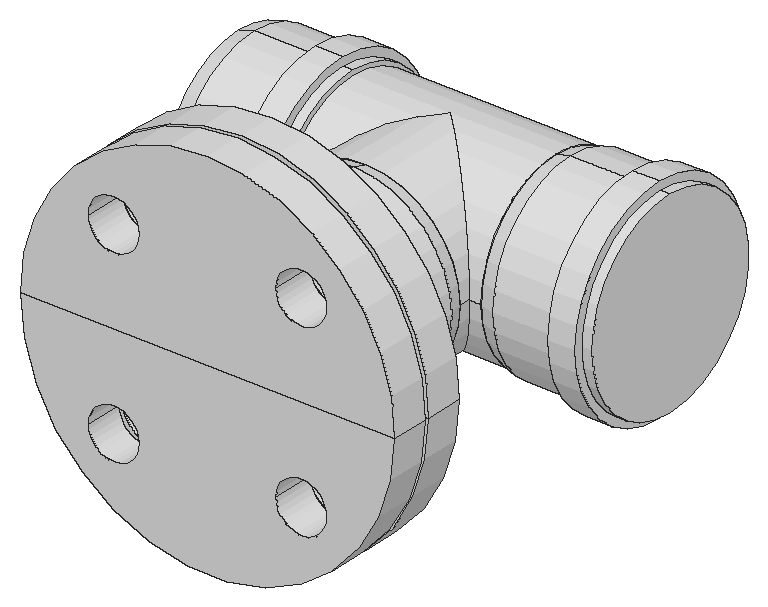
Revit family "Redi_Фитинг_Напорная ревизия", category Соединительные детали трубопроводов, Revit 2019
Family settings
  Размер круглого соединителя = Использовать диаметр
  Тип детали = Тройник
  На основе рабочей плоскости = Нет
  Всегда вертикально = Да
  При загрузке вырезать с полостями = Нет
  Общий = Нет
Parameters (values of type "Redi")
  Усиленный [instance] = no
  Угол [instance] = 90.00°
  Типовой = no
  Раструб Длина [instance] = size_lookup(Поиск в таблице имен, "LR1", ADSK_Диаметр условный * 2, ADSK_Диаметр условный, Диаметр условный 1, ADSK_Угол)  # 55.6 mm
  Раструб Видимость 1.2 [instance] = and(not(Угол > 90.00°), Раструб Подводящий)  # yes
  Раструб Видимость 2.2 [instance] = and(Угол > 90.00°, Раструб Подводящий)  # no
  Поиск в таблице имен 4 = "Redi_Фитинг_ПВХ_Тройник"
  Поиск в таблице имен 3 = "Redi_Фитинг_ПВХ_Тройник"
  Поиск в таблице имен 2 = "Redi_Фитинг_ПВХ_Тройник"
  Поиск в таблице имен = "Redi_Фитинг_ПВХ_Тройник"
  Размер засечки 2 [instance] = 50 mm  # constant formula
  Размер засечки 1 [instance] = 50 mm  # constant formula
  Раструб Подводящий [instance] = yes
  Description = ""
  Наименование [instance] = size_lookup(Поиск в таблице имен 4, "ADSK_Наименование", "Решение не найдено", ADSK_Диаметр условный, Диаметр условный 1, ADSK_Угол)  # "Тройник 87.3°, DN110х110"
  Материал = 05 Пластик ПВХ Белый
  Assembly Code = ""
  Manufacturer = ""
  Раструб Видимость 2.1 [instance] = Угол > 90.00°  # no
  Раструб Видимость 1.1 [instance] = not(Угол > 90.00°)  # yes
  Z3 [instance] = if(Угол > 90.00°, if(Раструб Подводящий, size_lookup(Поиск в таблице имен, "z1", ADSK_Диаметр условный * 2, ADSK_Диаметр условный, Диаметр условный 1, ADSK_Угол), size_lookup(Поиск в таблице имен, "z1", ADSK_Диаметр условный * 2, ADSK_Диаметр условный, Диаметр условный 1, ADSK_Угол) + Раструб Длина), size_lookup(Поиск в таблице имен, "z3", ADSK_Диаметр условный * 2, ADSK_Диаметр условный, Диаметр условный 1, ADSK_Угол))  # 62 mm
  Z2 [instance] = size_lookup(Поиск в таблице имен, "z2", ADSK_Диаметр условный * 2, ADSK_Диаметр условный, Диаметр условный 1, ADSK_Угол)  # 62 mm
  Z1 [instance] = if(Угол > 90.00°, size_lookup(Поиск в таблице имен, "z3", ADSK_Диаметр условный * 2, ADSK_Диаметр условный, Диаметр условный 1, ADSK_Угол), if(Раструб Подводящий, size_lookup(Поиск в таблице имен, "z1", ADSK_Диаметр условный * 2, ADSK_Диаметр условный, Диаметр условный 1, ADSK_Угол), size_lookup(Поиск в таблице имен, "z1", ADSK_Диаметр условный * 2, ADSK_Диаметр условный, Диаметр условный 1, ADSK_Угол) + Раструб Длина))  # 57 mm
  URL = ""
  Диаметр условный 1 [instance] = 110 mm
  ADSK_Угол [instance] = if(or(Угол < 57.50°, Угол > 122.50°), 45.00°, if(or(Угол < 79.00°, Угол > 101.00°), 67.30°, 87.30°))  # 87.30°
  ADSK_Наименование краткое = "Тр."
  ADSK_Наименование [instance] = size_lookup(Поиск в таблице имен 4, "ADSK_Наименование", "Решение не найдено", ADSK_Диаметр условный, Диаметр условный 1, ADSK_Угол)  # "Тройник 87.3°, DN110х110"
  ADSK_Масса_Текст [instance] = ""
  ADSK_Масса [instance] = 0
  ADSK_Марка = ""
  ADSK_Код изделия [instance] = size_lookup(Поиск в таблице имен 4, "ADSK_Код изделия", "Решение не найдено", ADSK_Диаметр условный, Диаметр условный 1, ADSK_Угол)  # "0811155"
  ADSK_Завод-изготовитель = "Redi"  # constant formula
  ADSK_Единица измерения = "шт."  # constant formula
  ADSK_Диаметр условный [instance] = 110 mm
Reference planes
  plane 1 "По центру (Вперед/Назад)": y = 0
  plane 2: z = 0
  plane 3 "По центру (Влево/Вправо)": x = 0
  plane 4: x = -57
  plane 5: x = 62
Forms (mm)
  Sweep 1, solid, material "05 Пластик ПВХ Белый" <- "Материал", detail levels fine
    path in 3D
      loop
        line (62, 0, 0) -> (-57, 0, 0)
    profile origin (2.5, 0, 0) x (0, -1, 0) y (0, 0, 1)
      loop
        circle (0, 0) r 55
  Sweep 2, solid, material "05 Пластик ПВХ Белый" <- "Материал", detail levels fine
    path in 3D
      loop
        line (0, 0, 0) -> (0, -62, 0)
    profile origin (0, -31, 0) x (1, 0, 0) y (0, 0, 1)
      loop
        circle (0, 0) r 55
Cuts and joins
  joined: Sweep 1, Sweep 2
Lines and regions (mm)
  reference lines
    curve 1: line (0, 0, 0) -> (0, -62, 0)
    curve 3: line (62, 0, 0) -> (-57, 0, 0)
  sketch lines
    curve 2: line (0, 0, 0) -> (0, -62, 0)
    curve 4: line (62, 0, 0) -> (-57, 0, 0)
Dimensions and locks
  "Z2": curve 1 to curve 1
  "Z1": plane 4 to plane 3 "По центру (Влево/Вправо)"
  "Z3": plane 3 "По центру (Влево/Вправо)" to plane 5
  "ADSK_Диаметр условный": diameter of Sweep 1 sketch curve
  "Диаметр условный 1": diameter of Sweep 2 sketch curve
  "Угол": angle curve 1 to plane 1 "По центру (Вперед/Назад)"
  "Угол": angle nested 5 to plane 1 "По центру (Вперед/Назад)"
  aligned and locked: level to plane 2
  aligned and locked: plane 1 "По центру (Вперед/Назад)" to curve 1
  aligned and locked: plane 5 to nested 1
  aligned and locked: plane 1 "По центру (Вперед/Назад)" to nested 1
  aligned and locked: plane 4 to nested 2
  aligned and locked: plane 1 "По центру (Вперед/Назад)" to nested 2
  aligned and locked: nested 3 to plane 4
  aligned and locked: nested 4 to plane 5
  aligned and locked: curve 1 to nested 5
  aligned and locked: nested 5 to cut or joined group of Sweep 1, Sweep 2
  aligned and locked: plane 3 "По центру (Влево/Вправо)" to nested 6
  aligned and locked: plane 4 to nested 6
  aligned and locked: plane 5 to nested 6
  aligned and locked: nested 8 to nested 5
  aligned and locked: nested 7 to nested 8
Automatic sketch dimensions
  curve 3 to plane 4 = 0 mm
  curve 1 to plane 3 "По центру (Влево/Вправо)" = 0 mm
  curve 3 to plane 5 = 0 mm
  Sweep 1 sketch curve to profile plane = 0 mm  (x2)
  profile plane to Sweep 2 sketch curve = 0 mm
  Sweep 2 sketch curve to profile plane = 0 mm
Nested families
  nested 1: "Фитинг_ПП_Раструб(Влож)" at (62, 0, 0), ADSK_Диаметр условный <- "ADSK_Диаметр условный", visible <- "Раструб Видимость 1.1", Видимость <- "Раструб Видимость 1.1", type "Фитинг_ПП_Раструб(Влож)", detail levels fine
    with Толщина Стенки 2 1.5 mm, Толщина Стенки 1 2.4 mm, Длина 67 mm, Диаметр Наружный Трубного Кольца 124.4 mm, Диаметр Наружный 114.8 mm, Видимость yes, C 22 mm, B 6 mm, ADSK_Диаметр условный 110 mm, A 36 mm
  nested 2: "Фитинг_ПП_Раструб(Влож)" at (-124, 0, 0), ADSK_Диаметр условный <- "ADSK_Диаметр условный", visible <- "Раструб Видимость 1.2", Видимость <- "Раструб Видимость 1.2", type "Фитинг_ПП_Раструб(Влож)", detail levels fine
    with Толщина Стенки 2 1.5 mm, Толщина Стенки 1 2.4 mm, Длина 67 mm, Диаметр Наружный Трубного Кольца 124.4 mm, Диаметр Наружный 114.8 mm, Видимость yes, C 22 mm, B 6 mm, ADSK_Диаметр условный 110 mm, A 36 mm
  nested 3: "Фитинг_ПП_Раструб(Влож)" at (-57, 0, 0) x (-1, 0, 0) z (0, 0, 1), visible <- "Раструб Видимость 2.1", ADSK_Диаметр условный <- "ADSK_Диаметр условный", Видимость <- "Раструб Видимость 2.1", type "Фитинг_ПП_Раструб(Влож)", detail levels fine
    with Толщина Стенки 2 1.5 mm, Толщина Стенки 1 2.4 mm, Длина 67 mm, Диаметр Наружный Трубного Кольца 124.4 mm, Диаметр Наружный 114.8 mm, Видимость no, C 22 mm, B 6 mm, ADSK_Диаметр условный 110 mm, A 36 mm
  nested 4: "Фитинг_ПП_Раструб(Влож)" at (129, 0, 0) x (-1, 0, 0) z (0, 0, 1), visible <- "Раструб Видимость 2.2", ADSK_Диаметр условный <- "ADSK_Диаметр условный", Видимость <- "Раструб Видимость 2.2", type "Фитинг_ПП_Раструб(Влож)", detail levels fine
    with Толщина Стенки 2 1.5 mm, Толщина Стенки 1 2.4 mm, Длина 67 mm, Диаметр Наружный Трубного Кольца 124.4 mm, Диаметр Наружный 114.8 mm, Видимость no, C 22 mm, B 6 mm, ADSK_Диаметр условный 110 mm, A 36 mm
  nested 5: "Фитинг_ПП_Раструб(Влож)" at (0, -62, 0) x (0, -1, 0) z (0, 0, 1), ADSK_Диаметр условный <- "Диаметр условный 1", type "Фитинг_ПП_Раструб(Влож)", detail levels fine
    with Толщина Стенки 2 1.5 mm, Толщина Стенки 1 2.4 mm, Длина 67 mm, Диаметр Наружный Трубного Кольца 124.4 mm, Диаметр Наружный 114.8 mm, Видимость yes, C 22 mm, B 6 mm, ADSK_Диаметр условный 110 mm, A 36 mm
  nested 6: "CISP_УГО_Тройник" at (0, 0, 0), Угол <- "Угол", L3 <- "Z2", D1 <- "Размер засечки 1", D2 <- "Размер засечки 1", D3 <- "Размер засечки 2", type "CISP_УГО_Тройник", detail levels coarse+medium
    with Угол 90.00°, L3 62 mm, L2 62 mm, L1 57 mm, D3 50 mm, D2 50 mm, D1 50 mm
  nested 7: "Redi_Фитинг_Фланец глухой" at (0, -167, 0) x (0, 1, 0) z (0, 0, 1), d <- "Диаметр условный 1", type "Redi_Фитинг_Фланец глухой"
    with s 22 mm, d 110 mm, I 180 mm, E *2/3 55 mm, E 220 mm, ADSK_Наименование "Фланец глухой, DN110", ADSK_Масса_Текст "0.84", ADSK_Масса 0, ADSK_Код изделия "RVOFCI910"
  nested 8: "Redi_Фитинг_Фланец жесткий" at (0, -142, 0) x (0, 1, 0) z (0, 0, 1), d <- "Диаметр условный 1", type "Redi_Фитинг_Фланец жесткий"
    with z 8 mm, s 22 mm, d 110 mm, I 180 mm, E *2/3 55 mm, E 220 mm, ADSK_Наименование "Фланец жесткий, DN110", ADSK_Масса_Текст "0.94", ADSK_Масса 0, ADSK_Код изделия "RVOFFI910"
Connectors
  piping at (-57, 0, 0), diameter 110, driven by "ADSK_Диаметр условный"
    settings: on plane 4, index 1, connector inside diameter 609.6 mm, connector length 0 mm, flow factor 0, pipe flow 0.0 L/s, pressure drop 0.0 Pa, fitting loss kfactor 0, connector angle 0.00°, fixture units 0, engagement length 0 mm, angle of deflection 0.00°, flow configuration 0, flow direction 0, fitting loss method 0, system type 28, joint type 0, gender type 0, connector reference index 2, connector utility 0, adjustable connector no, is connector primary yes, connector description ""
  piping at (62, 0, 0), diameter 110, driven by "ADSK_Диаметр условный"
    settings: on plane 5, index 2, connector inside diameter 609.6 mm, connector length 0 mm, flow factor 0, pipe flow 0.0 L/s, pressure drop 0.0 Pa, fitting loss kfactor 0, connector angle 0.00°, fixture units 0, engagement length 0 mm, angle of deflection 0.00°, flow configuration 0, flow direction 0, fitting loss method 0, system type 28, joint type 0, gender type 0, connector reference index 1, connector utility 0, adjustable connector no, is connector primary no, connector description ""
Definition of nested family "Фитинг_ПП_Раструб(Влож)"
  Parameters (values of type "CISP_Фитинг_ПП_Раструб")
    Толщина Стенки 2 [instance] = size_lookup(Поиск в таблице имен, "e3", 1 mm, ADSK_Диаметр условный)  # 1.5 mm
    Толщина Стенки 1 [instance] = size_lookup(Поиск в таблице имен, "e2", 1 mm, ADSK_Диаметр условный)  # 2.4 mm
    Поиск в таблице имен = "CISP_Фитинг_ПП_Раструб"
    Материал = none
    Длина [instance] = A + C + A / 4  # 67 mm
    Диаметр Наружный Трубного Кольца [instance] = ADSK_Диаметр условный + 2 * Толщина Стенки 1 + 4 * Толщина Стенки 1  # 124.4 mm
    Диаметр Наружный [instance] = ADSK_Диаметр условный + 2 * Толщина Стенки 1  # 114.8 mm
    Видимость [instance] = yes
    C [instance] = size_lookup(Поиск в таблице имен, "C", 1 mm, ADSK_Диаметр условный)  # 22 mm
    B [instance] = size_lookup(Поиск в таблице имен, "B", 1 mm, ADSK_Диаметр условный)  # 6 mm
    ADSK_Диаметр условный [instance] = 110 mm
    A [instance] = size_lookup(Поиск в таблице имен, "A", 1 mm, ADSK_Диаметр условный)  # 36 mm
  Reference planes
    plane 1 "По центру (Вперед/Назад)": y = 0
    plane 2: z = 0
    plane 3 "По центру (Влево/Вправо)": x = 0
    plane 4: x = 67
    plane 5: z = 57.4
    plane 6: z = -57.4
    plane 7: x = 45
    plane 8: x = 61
    plane 9: x = 9
    plane 10: z = 62.2
    plane 11: z = -62.2
    plane 12: z = 55
    plane 13: z = -55
  Forms (mm)
    Sweep 1, solid, material <- "Материал", visible <- "Видимость"
      path origin (0, 0, 0) x (1, 0, 0) y (0, 0, 1)
        loop
          line (9, 0) -> (67, 0)
      profile origin (38, 0, 0) x (0, 0, 1) y (0, -1, 0)
        loop
          circle (0, 0) r 57.4
    SweptBlend 2, solid, material <- "Материал", visible <- "Видимость"
      path origin (0, 0, 0) x (1, 0, 0) y (0, 0, 1)
        loop
          line (0, 0) -> (9, 0)
      profile origin (0, 0, 0) x (0, 0, 1) y (0, -1, 0)
        loop
          circle (0, 0) r 55
      end profile origin (9, 0, 0) x (0, 0, 1) y (0, -1, 0)
        loop
          circle (0, 0) r 57.4
    Sweep 3, solid, material <- "Материал", visible <- "Видимость"
      path origin (0, 0, 0) x (1, 0, 0) y (0, 0, 1)
        loop
          line (45, 0) -> (61, 0)
      profile origin (53, 0, 0) x (0, 0, 1) y (0, -1, 0)
        loop
          circle (0, 0) r 62.2
  Cuts and joins
    joined: Sweep 1, SweptBlend 2, Sweep 3
  Dimensions and locks
    "Длина": plane 4 to plane 3 "По центру (Влево/Вправо)"
    equal spacing: plane 5, level, plane 6
    "Диаметр Наружный": plane 5 to plane 6
    "C": plane 4 to plane 7
    "A": plane 7 to plane 9
    "B": plane 4 to plane 8
    equal spacing: plane 12, level, plane 13
    "ADSK_Диаметр условный": plane 12 to plane 13
    equal spacing: plane 10, level, plane 11
    "Диаметр Наружный Трубного Кольца": plane 10 to plane 11
    "Диаметр Наружный": diameter of Sweep 1 sketch curve
    "ADSK_Диаметр условный": diameter of SweptBlend 2 sketch curve
    "Диаметр Наружный": diameter of SweptBlend 2 sketch curve
    "Диаметр Наружный Трубного Кольца": diameter of Sweep 3 sketch curve
    aligned and locked: level to plane 2
    aligned and locked: plane 9 to Sweep 1 sketch curve
    aligned and locked: Sweep 1 sketch curve to plane 2
    aligned and locked: plane 4 to Sweep 1 sketch curve
    aligned and locked: plane 3 "По центру (Влево/Вправо)" to SweptBlend 2 sketch curve
    aligned and locked: plane 9 to SweptBlend 2 sketch curve
    aligned and locked: SweptBlend 2 sketch curve to level
    aligned and locked: plane 7 to Sweep 3 sketch curve
    aligned and locked: plane 8 to Sweep 3 sketch curve
    aligned and locked: Sweep 3 sketch curve to plane 2
  Automatic sketch dimensions
    Sweep 1 sketch curve to plane 1 "По центру (Вперед/Назад)" = 0 mm
    profile plane to Sweep 1 sketch curve = 0 mm
    SweptBlend 2 sketch curve to plane 1 "По центру (Вперед/Назад)" = 0 mm  (x2)
    profile plane to SweptBlend 2 sketch curve = 0 mm  (x2)
    Sweep 3 sketch curve to plane 1 "По центру (Вперед/Назад)" = 0 mm
    profile plane to Sweep 3 sketch curve = 0 mm
Definition of nested family "Redi_Фитинг_Фланец глухой"
  Parameters (values of type "Redi_Фитинг_Фланец глухой")
    Поиск в таблице имен = "Redi_Фитинг_Фланец глухой"  # constant formula
    s [instance] = size_lookup(Поиск в таблице имен, "s", 28 mm, d)  # 28 mm
    d [instance] = 160 mm
    I [instance] = size_lookup(Поиск в таблице имен, "I", 240 mm, d)  # 240 mm
    E *2/3 [instance] = E / 4  # 71.25 mm
    E [instance] = size_lookup(Поиск в таблице имен, "E", 285 mm, d)  # 285 mm
    ADSK_Наименование [instance] = size_lookup(Поиск в таблице имен, "ADSK_Наименование", "Нет в каталоге", d)  # "Фланец глухой, DN160"
    ADSK_Масса_Текст [instance] = size_lookup(Поиск в таблице имен, "ADSK_Масса_Текст", "Нет в каталоге", d)  # "1.62"
    ADSK_Масса [instance] = 0
    ADSK_Марка = ""
    ADSK_Код изделия [instance] = size_lookup(Поиск в таблице имен, "ADSK_Код изделия", "Нет в каталоге", d)  # "RVOFCI940"
    ADSK_Завод-изготовитель = "Redi"  # constant formula
    ADSK_Единица измерения = "шт."  # constant formula
  Reference planes
    plane 1 "По центру (Вперед/Назад)": y = 0
    plane 2: z = 0
    plane 3 "По центру (Влево/Вправо)": x = 0
    plane 4: x = -14
    plane 5: x = 14
    plane 6: y = 142.5
    plane 7: y = -142.5
    plane 8: y = -120
    plane 9: y = 120
    plane 10: x = 17
  Forms (mm)
    Revolve 1, solid
      sketch origin (0, 0, 0) x (1, 0, 0) y (0, 1, 0)
        loop
          line (-14, 0) -> (-14, -142.5) -> (14, -142.5) -> (14, -120) -> (17, -120) -> (17, 0) -> (-14, 0)
        axis (17, 0) -> (-14, 0)
      angle from 0 to 360
    Extrusion 2, void
      sketch origin (0, 0, 0) x (0, 1, 0) y (0, 0, 1)
        loop
          circle (71.25, 71.25) r 15
        loop
          circle (-71.25, 71.25) r 15
        loop
          circle (71.25, -71.25) r 15
        loop
          circle (-71.25, -71.25) r 15
      from -14 to 17
  Cuts and joins
    Extrusion 2 cuts Revolve 1
  Dimensions and locks
    equal spacing: plane 4, plane 3 "По центру (Влево/Вправо)", plane 5
    "s": plane 4 to plane 5
    equal spacing: plane 9, plane 1 "По центру (Вперед/Назад)", plane 8
    "I": plane 9 to plane 8
    equal spacing: plane 6, plane 1 "По центру (Вперед/Назад)", plane 7
    "E": plane 6 to plane 7
    locked: plane 5 to plane 10 at 3
    "E *2/3": Extrusion 2 sketch curve to level  (x2)
    "E *2/3": Extrusion 2 sketch curve to plane 1 "По центру (Вперед/Назад)"  (x2)
    "E *2/3": level to Extrusion 2 sketch curve  (x2)
    "E *2/3": plane 1 "По центру (Вперед/Назад)" to Extrusion 2 sketch curve  (x2)
    aligned and locked: level to plane 2
    aligned and locked: plane 1 "По центру (Вперед/Назад)" to Revolve 1 sketch curve
    aligned and locked: plane 4 to Revolve 1 sketch curve
    aligned and locked: plane 7 to Revolve 1 sketch curve
    aligned and locked: plane 5 to Revolve 1 sketch curve
    aligned and locked: Revolve 1 sketch curve to plane 8
    aligned and locked: Revolve 1 sketch curve to plane 10
    aligned and locked: Extrusion 2 to plane 4
    aligned and locked: Extrusion 2 to plane 10
  Automatic sketch dimensions
    Revolve 1 sketch curve to plane 1 "По центру (Вперед/Назад)" = 0 mm
    Revolve 1 sketch curve to plane 4 = 1916.011 mm
    Revolve 1 sketch curve to plane 10 = 1913.011 mm
    radius of Extrusion 2 sketch curve = 15 mm  (x4)
  Connectors
    piping at (17, 0, 0), diameter 160, driven by "d"
      settings: on cut or joined group of Revolve 1, Extrusion 2, index 1, connector inside diameter 609.6 mm, connector length 0 mm, flow factor 0, pipe flow 0.0 L/s, pressure drop 0.0 Pa, fitting loss kfactor 0, connector angle 0.00°, fixture units 0, engagement length 0 mm, angle of deflection 0.00°, flow configuration 0, flow direction 0, fitting loss method 0, system type 28, joint type 0, gender type 0, connector reference index -1, connector utility 0, adjustable connector no, is connector primary yes, connector description ""
Definition of nested family "Redi_Фитинг_Фланец жесткий"
  Parameters (values of type "Redi_Фитинг_Фланец жесткий")
    Поиск в таблице имен = "Redi_Фитинг_Фланец жесткий"  # constant formula
    z [instance] = size_lookup(Поиск в таблице имен, "z", 7 mm, d)  # 8 mm
    s [instance] = size_lookup(Поиск в таблице имен, "s", 28 mm, d)  # 22 mm
    d [instance] = 110 mm
    I [instance] = size_lookup(Поиск в таблице имен, "I", 240 mm, d)  # 180 mm
    E *2/3 [instance] = E / 4  # 55 mm
    E [instance] = size_lookup(Поиск в таблице имен, "E", 285 mm, d)  # 220 mm
    ADSK_Наименование [instance] = size_lookup(Поиск в таблице имен, "ADSK_Наименование", "Нет в каталоге", d)  # "Фланец жесткий, DN110"
    ADSK_Масса_Текст [instance] = size_lookup(Поиск в таблице имен, "ADSK_Масса_Текст", "Нет в каталоге", d)  # "0.94"
    ADSK_Масса [instance] = 0
    ADSK_Марка = ""
    ADSK_Код изделия [instance] = size_lookup(Поиск в таблице имен, "ADSK_Код изделия", "Нет в каталоге", d)  # "RVOFFI910"
    ADSK_Завод-изготовитель = "Redi"  # constant formula
    ADSK_Единица измерения = "шт."  # constant formula
  Reference planes
    plane 1 "По центру (Вперед/Назад)": y = 0
    plane 2: z = 0
    plane 3 "По центру (Влево/Вправо)": x = 0
    plane 4: x = -11
    plane 5: x = 11
    plane 6: y = 110
    plane 7: y = -110
    plane 8: y = -90
    plane 9: y = 90
    plane 10: x = 19
    plane 11: y = -55
    plane 12: y = 55
    plane 13: y = -27.5
  Forms (mm)
    Revolve 1, solid
      sketch origin (0, 0, 0) x (1, 0, 0) y (0, 1, 0)
        loop
          line (-11, -55) -> (-11, -110) -> (11, -110) -> (11, -90) -> (19, -90) -> (19, -55) -> (-11, -55)
        axis (19, 0) -> (-11, 0)
      angle from 0 to 360
    Extrusion 2, void
      sketch origin (0, 0, 0) x (0, 1, 0) y (0, 0, 1)
        loop
          circle (55, 55) r 15
        loop
          circle (-55, 55) r 15
        loop
          circle (55, -55) r 15
        loop
          circle (-55, -55) r 15
      from -11 to 19
  Cuts and joins
    Extrusion 2 cuts Revolve 1
  Dimensions and locks
    equal spacing: plane 4, plane 3 "По центру (Влево/Вправо)", plane 5
    "s": plane 4 to plane 5
    equal spacing: plane 9, plane 1 "По центру (Вперед/Назад)", plane 8
    "I": plane 9 to plane 8
    equal spacing: plane 6, plane 1 "По центру (Вперед/Назад)", plane 7
    "E": plane 6 to plane 7
    "z": plane 5 to plane 10
    "E *2/3": Extrusion 2 sketch curve to level  (x2)
    "E *2/3": Extrusion 2 sketch curve to plane 1 "По центру (Вперед/Назад)"  (x2)
    "E *2/3": level to Extrusion 2 sketch curve  (x2)
    "E *2/3": plane 1 "По центру (Вперед/Назад)" to Extrusion 2 sketch curve  (x2)
    equal spacing: plane 11, plane 1 "По центру (Вперед/Назад)", plane 12
    "d": plane 12 to plane 11
    equal spacing: plane 11, plane 13, plane 1 "По центру (Вперед/Назад)"
    aligned and locked: level to plane 2
    aligned and locked: plane 4 to Revolve 1 sketch curve
    aligned and locked: plane 7 to Revolve 1 sketch curve
    aligned and locked: plane 5 to Revolve 1 sketch curve
    aligned and locked: Revolve 1 sketch curve to plane 8
    aligned and locked: Revolve 1 sketch curve to plane 10
    aligned and locked: Extrusion 2 to plane 4
    aligned and locked: Extrusion 2 to plane 10
  Automatic sketch dimensions
    Revolve 1 sketch curve to plane 1 "По центру (Вперед/Назад)" = 0 mm
    Revolve 1 sketch curve to plane 4 = 1916.011 mm
    Revolve 1 sketch curve to plane 10 = 1913.011 mm
    plane 11 to Revolve 1 sketch curve = 0 mm
    radius of Extrusion 2 sketch curve = 15 mm  (x4)
  Connectors
    piping at (19, 0, 39.432), diameter 110, driven by "d"
      settings: on cut or joined group of Revolve 1, Extrusion 2, index 1, connector inside diameter 609.6 mm, connector length 0 mm, flow factor 0, pipe flow 0.0 L/s, pressure drop 0.0 Pa, fitting loss kfactor 0, connector angle 0.00°, fixture units 0, engagement length 0 mm, angle of deflection 0.00°, flow configuration 0, flow direction 0, fitting loss method 0, system type 28, joint type 0, gender type 0, connector reference index 2, connector utility 0, adjustable connector no, is connector primary yes, connector description ""
    piping at (-11, 0, 0), diameter 110, driven by "d"
      settings: on cut or joined group of Revolve 1, Extrusion 2, index 2, connector inside diameter 609.6 mm, connector length 0 mm, flow factor 0, pipe flow 0.0 L/s, pressure drop 0.0 Pa, fitting loss kfactor 0, connector angle 0.00°, fixture units 0, engagement length 0 mm, angle of deflection 0.00°, flow configuration 0, flow direction 0, fitting loss method 0, system type 28, joint type 0, gender type 0, connector reference index 1, connector utility 0, adjustable connector no, is connector primary no, connector description ""
Definition of nested family "CISP_УГО_Тройник"
  Parameters (values of type "CISP_УГО_Тройник")
    Угол [instance] = 80.00°
    L3 [instance] = 120 mm
    L2 [instance] = 150 mm
    L1 [instance] = 100 mm
    D3 [instance] = 55 mm
    D2 [instance] = 90 mm
    D1 [instance] = 120 mm
  Reference planes
    plane 1 "По центру (Вперед/Назад)": y = 0
    plane 2: z = 0
    plane 3 "По центру (Влево/Вправо)": x = 0
    plane 4: x = -100
    plane 5: x = 150
    plane 6: y = 60
    plane 7: y = -60
    plane 8: y = 45
    plane 9: y = -45
  Lines and regions (mm)
    reference lines
      curve 1: line (0, 0, 0) -> (20.838, -118.177, 0)
    model lines
      curve 2: line (-100, 0, 0) -> (150, 0, 0)
      curve 3: line (0, 0, 0) -> (20.838, -118.177, 0)
      curve 4: line (150, 45, 0) -> (150, -45, 0)
      curve 5: line (-100, 60, 0) -> (-100, -60, 0)
      curve 6: line (-6.244, -122.952, 0) -> (47.92, -113.402, 0)
  Dimensions and locks
    "L3": curve 1 to curve 1
    "L1": plane 4 to plane 3 "По центру (Влево/Вправо)"
    "L2": plane 3 "По центру (Влево/Вправо)" to plane 5
    "L3": curve 3 to curve 3
    equal spacing: plane 6, plane 1 "По центру (Вперед/Назад)", plane 7
    "D1": plane 6 to plane 7
    equal spacing: plane 8, plane 1 "По центру (Вперед/Назад)", plane 9
    "D2": plane 8 to plane 9
    equal spacing: curve 6, curve 3, curve 6
    "D3": curve 6 to curve 6
    locked: curve 3 to curve 1 at 0
    "Угол": angle curve 1 to plane 1 "По центру (Вперед/Назад)"
    "Угол": angle curve 3 to plane 1 "По центру (Вперед/Назад)"
    locked: curve 6 to curve 1 (angle 90.00°)
    aligned and locked: level to plane 2
    aligned and locked: plane 3 "По центру (Влево/Вправо)" to curve 1
    aligned and locked: plane 1 "По центру (Вперед/Назад)" to curve 1
    aligned and locked: plane 4 to curve 2
    aligned and locked: plane 1 "По центру (Вперед/Назад)" to curve 2
    aligned and locked: plane 8 to curve 4
    aligned and locked: plane 9 to curve 4
    aligned and locked: curve 4 to plane 5
    aligned and locked: curve 5 to plane 4
    aligned and locked: curve 6 to curve 1
  Automatic sketch dimensions
    curve 5 to plane 7 = 0 mm
    curve 5 to plane 6 = 0 mm
